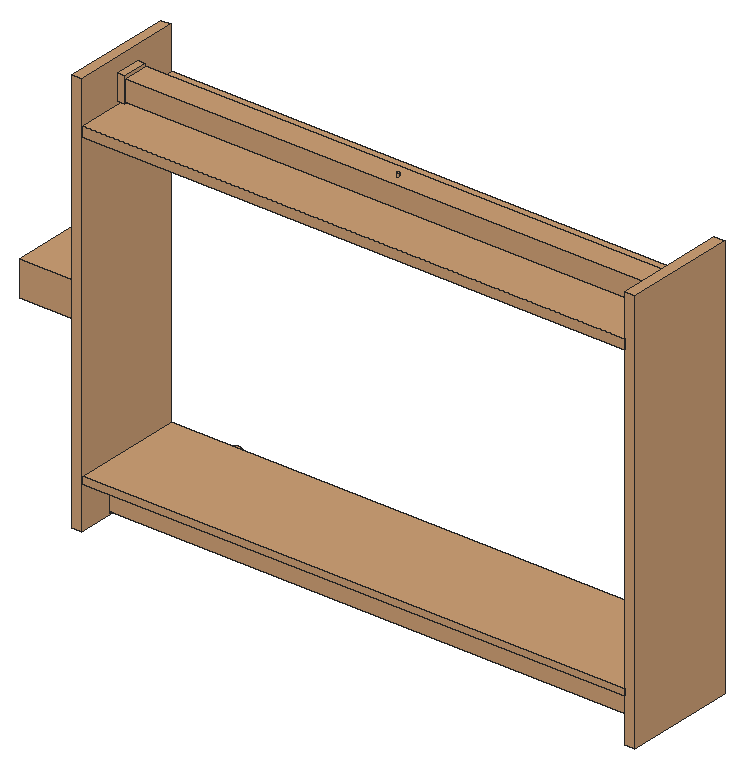
Revit family
Parameters
  Center of Unit = 0' - 0"  # constant formula
  Total Heating Capacity [instance] = 0.0 Btu/h
  Series = "VIFB"
  Outlet Area = 44.70 SF
  Lower Frame Thickness = if(Headers Height = 0' 3", 0' 1 1/4", if(Headers Height = 0' 3 1/4", 0' 1 1/4", 0' 0"))  # 0' - 1 1/4"
  Water Pressure Drop [instance] = 0.00 psi
  Water Flow [instance] = 0 GPM
  Unit Weight (lbs) = 1338
  URL = "http://www.ljwing.com/"
  Water Outlet Radius = 0' - 1 1/2"
  Headers Height = if(M = 0' 1", 0' 3", if(M = 0' 1 1/2", 0' 3 1/4", 0' 0"))  # 0' - 3 1/4"
  Number of Rows = 2  # constant formula
  Number of Coils [instance] = 0
  Nominal Length = 9' - 3 3/16"
  N = 1' - 0 3/4"
  Model = "VD-10W"
  Manufacturer = "LJ Wing"
  M = 0' - 1 1/2"
  Leaving Water Temperature [instance] = 0 °F
  Leaving Air Temperature [instance] = 0 °F
  Entering Water Temperature [instance] = 0 °F
  Entering Air Temperature [instance] = 0 °F
  Description = "Vertical Integral Face & Bypass Water Heating Coils"
  Hot Water Inlet  Radius = 0' - 1 1/2"
  Coil Face Area = Outlet Area * 0.56  # 25.032 SF
  Casing Material = ""
  Assembly Code = "D3020300"
  Air Vent Radius = 0' - 0 1/4"
  Air Pressure Drop [instance] = 0.00 in-wg
  Air Inlet Width = Nominal Length - 0' 4"  # 8' - 11 3/16"
  Air Inlet Height = Y  # 5' - 0"
  Air Flow [instance] = 0 CFM
  Y = 5' - 0"
  S = 0' - 9 3/4"  # constant formula
  Product URL = "http://www.ljwing.com/html/vifb.asp"
  OmniClass = "23-75 70 21 14 "
  Nominal Height = 6' - 8"
  Nominal Depth = 1' - 10"
  R = 0' - 10 1/4"  # constant formula
  Q = 0' - 4 19/32"
Reference planes (in)
  plane 1 "Center (Front/Back)": y = 0
  plane 2: z = -30
  plane 3 "Center (Left/Right)": x = 0
  plane 4: z = 40.25
  plane 5: x = -55.59375
  plane 6: x = 55.59375
  plane 7: z = -39.75
  plane 8: z = 0
  plane 9: y = -11
  plane 10: y = 11
  plane 11: z = 30
  plane 12: z = 32
  plane 13: z = -31.25
  plane 14: x = 53.59375
  plane 15: x = -53.59375
  plane 16: x = -51
  plane 17: x = 51
  plane 18: y = 14.0625
  plane 19: x = -66.59375
  plane 20: z = 37.125
  plane 21: z = 33.125
  plane 22: y = -2.5
  plane 23: y = 2.5
  plane 24: y = -4.5
  plane 25: z = -37.375
  plane 26: x = -42.84375
  plane 27: x = 42.84375
  plane 28: z = -33.375
Forms (in)
  Extrusion 1, solid, material "Painted Finish"
    sketch origin (0, 6, -9.75) x (1, 0, 0) y (0, 0, 1)
      loop
        line (-55.59375, -30) -> (-53.59375, -30) -> (-53.59375, 50) -> (-55.59375, 50) -> (-55.59375, -30)
      loop
        line (55.59375, -30) -> (55.59375, 50) -> (53.59375, 50) -> (53.59375, -30) -> (55.59375, -30)
    from -5 to 17
  Extrusion 2, solid, material "Painted Finish"
    sketch origin (0, 6, 0) x (1, 0, 0) y (0, 0, 1)
      loop
        line (53.59375, -30) -> (-53.59375, -30) -> (-53.59375, -31.25) -> (53.59375, -31.25) -> (53.59375, -30)
      loop
        line (53.59375, 30) -> (53.59375, 32) -> (-53.59375, 32) -> (-53.59375, 30) -> (53.59375, 30)
    from -5 to 17
  Extrusion 3, solid, material "Painted Finish"
    sketch origin (0, 10, -0.5) x (1, 0, 0) y (0, 0, 1)
      loop
        line (-55.59375, 4) -> (-66.59375, 4) -> (-66.59375, -3) -> (-55.59375, -3) -> (-55.59375, 4)
    from 0 to 20
  Extrusion 4, solid, material "Painted Finish"
    sketch origin (0, 6, 0) x (1, 0, 0) y (0, 0, 1)
      loop
        line (-51.96875, 37.125) -> (-51.96875, 33.125) -> (51.96875, 33.125) -> (51.96875, 37.125) -> (-51.96875, 37.125)
    from 3.5 to 8.5
  Extrusion 5, solid, material "Painted Finish"
    sketch origin (0, 0, 0) x (1, 0, 0) y (0, 0, 1)
      loop
        line (-51.96875, 32.625) -> (-51.96875, 37.625) -> (-53.59375, 37.625) -> (-53.59375, 32.625) -> (-51.96875, 32.625)
      loop
        line (53.59375, 32.625) -> (53.59375, 37.625) -> (51.96875, 37.625) -> (51.96875, 32.625) -> (53.59375, 32.625)
    from -2.5 to 2.5
  Extrusion 6, solid, material "Painted Finish"
    sketch origin (0, 6, 0) x (1, 0, 0) y (0, 0, 1)
      loop
        line (-53.09375, -31.75) -> (-53.09375, -31.5) -> (-53.59375, -31.5) -> (-53.59375, -35.25) -> (-53.09375, -35.25) -> (-53.09375, -35) -> (53.09375, -35) -> (53.09375, -35.25) -> (53.59375, -35.25) -> (53.59375, -31.5) -> (53.09375, -31.5) -> (53.09375, -31.75) -> (-53.09375, -31.75)
      loop
        line (53.09375, -39) -> (53.09375, -39.125) -> (53.59375, -39.125) -> (53.59375, -35.5) -> (53.09375, -35.5) -> (53.09375, -35.75) -> (-53.09375, -35.75) -> (-53.09375, -35.5) -> (-53.59375, -35.5) -> (-53.59375, -39.25) -> (-53.09375, -39.25) -> (-53.09375, -39) -> (53.09375, -39)
    from -5 to 10.5
  Extrusion 7, void
    sketch origin (0, 0, 0) x (1, 0, 0) y (0, 0, 1)
      loop
        line (-53.59375, 30) -> (-53.59375, -30) -> (53.59375, -30) -> (53.59375, 30) -> (-53.59375, 30)
    from -11 to 11
  Extrusion 8, solid, material "Painted Finish"
    sketch origin (0, 0, 0) x (1, 0, 0) y (0, 0, 1)
      loop
        circle (42.84375, -37.375) r 1.5
      loop
        circle (-42.84375, -33.375) r 1.5
    from -14.0625 to -11
  Extrusion 9, solid, material "Painted Finish"
    sketch origin (0, 0, 0) x (1, 0, 0) y (0, 1, 0)
      loop
        circle (0, 0) r 0.25
    from 37.125 to 37.625
Cuts and joins
  Extrusion 7 cuts Extrusion 1
  Extrusion 7 cuts Extrusion 2
Dimensions and locks (in)
  "Nominal Length": plane 6 to plane 5
  equal spacing: plane 6, plane 3 "Center (Left/Right)", plane 5
  "S": plane 2 to plane 7
  "Nominal Depth": plane 10 to plane 9
  equal spacing: plane 10, plane 1 "Center (Front/Back)", plane 9
  "Y": plane 11 to plane 2
  "R": plane 4 to plane 11
  locked: plane 12 to plane 11 at 2
  "Lower Frame Thickness": plane 2 to plane 13
  "Q": plane 16 to plane 5
  "Q": plane 6 to plane 17
  locked: plane 18 to plane 10 at 3.0625
  locked: plane 5 to plane 19 at 11
  locked: Extrusion 3 sketch curve to Extrusion 3 sketch curve at 7
  locked: Extrusion 3 to Extrusion 3 at 20
  locked: plane 6 to plane 14 at 2
  locked: plane 15 to plane 5 at 2
  locked: Extrusion 5 sketch curve to plane 20 at 0.5
  locked: plane 21 to Extrusion 5 sketch curve at 0.5
  locked: plane 20 to plane 21 at 4
  locked: plane 23 to plane 22 at 5
  equal spacing: plane 23, plane 1 "Center (Front/Back)", plane 22
  locked: plane 22 to plane 24 at 2
  plane 4 to plane 7 = 6' - 8"
  locked: Extrusion 5 sketch curve to Extrusion 1 at 1.625
  locked: Extrusion 5 sketch curve to Extrusion 5 sketch curve at 1.625
  locked: Extrusion 7 sketch curve to plane 11 at 0
  locked: Extrusion 7 sketch curve to plane 15 at 0
  locked: Extrusion 7 sketch curve to plane 14 at 0
  locked: plane 15 to Extrusion 6 sketch curve at 0.5
  locked: Extrusion 6 sketch curve to Extrusion 6 sketch curve at 0.25  (x2)
  locked: plane 25 to plane 7 at 2.375
  "N": plane 26 to plane 5
  "N": plane 6 to plane 27
  locked: plane 28 to plane 7 at 6.375
  "Headers Height": Extrusion 6 sketch curve to Extrusion 6 sketch curve  (x2)
  locked: Extrusion 8 sketch curve to plane 25 at 0
  locked: Extrusion 8 sketch curve to plane 28 at 0
  locked: Extrusion 9 sketch curve to plane 1 "Center (Front/Back)" at 0
  locked: Extrusion 9 sketch curve to plane 3 "Center (Left/Right)" at 0
  equal spacing: Extrusion 6 sketch curve, plane 28, Extrusion 6 sketch curve
  equal spacing: Extrusion 6 sketch curve, plane 25, Extrusion 6 sketch curve
  locked: plane 4 to plane 20 at 3.125
  locked: Extrusion 7 sketch curve to plane 2 at 0
  equal spacing: plane 11, plane 8, plane 2
  locked: Extrusion 8 sketch curve to plane 27 at 0
  locked: Extrusion 8 sketch curve to plane 26 at 0
  "M": radius of Extrusion 8 sketch curve  (x2)
  "Air Vent Radius": radius of Extrusion 9 sketch curve
  aligned and locked: Extrusion 1 to plane 9
  aligned and locked: Extrusion 1 to plane 10
  aligned and locked: Extrusion 1 to plane 15
  aligned and locked: Extrusion 1 to plane 14
  aligned and locked: Extrusion 2 to plane 9
  aligned and locked: plane 9 to Extrusion 1
  aligned and locked: plane 10 to Extrusion 1  (x2)
  aligned and locked: Extrusion 2 to plane 10
  aligned and locked: plane 10 to Extrusion 2  (x2)
  aligned and locked: plane 9 to Extrusion 2  (x2)
  aligned and locked: plane 5 to Extrusion 3
  aligned and locked: Extrusion 5 sketch curve to plane 15
  aligned and locked: Extrusion 5 sketch curve to Extrusion 4
  aligned and locked: Extrusion 1 to Extrusion 6
  aligned and locked: plane 22 to Extrusion 5
  aligned and locked: Extrusion 5 to Extrusion 4  (x2)
  aligned and locked: Extrusion 5 to plane 23
  aligned and locked: Extrusion 6 to plane 24
  aligned and locked: Extrusion 4 to Extrusion 5  (x2)
  aligned and locked: Extrusion 5 to Extrusion 1  (x2)
  aligned and locked: Extrusion 1 to Extrusion 7  (x2)
  aligned and locked: plane 18 to Extrusion 8
  aligned and locked: Extrusion 8 to plane 10
  aligned and locked: plane 20 to Extrusion 9
  aligned and locked: Extrusion 9 to Extrusion 5
  aligned and locked: plane 2 to cut or joined group of Extrusion 2, Extrusion 7
  aligned and locked: Extrusion 1 sketch curve to plane 6
  aligned and locked: Extrusion 1 sketch curve to plane 14
  aligned and locked: Extrusion 1 sketch curve to plane 15
  aligned and locked: Extrusion 1 sketch curve to plane 5
  aligned and locked: Extrusion 1 sketch curve to plane 4  (x2)
  aligned and locked: plane 7 to Extrusion 1 sketch curve  (x2)
  aligned and locked: Extrusion 2 sketch curve to plane 11
  aligned and locked: Extrusion 2 sketch curve to plane 12
  aligned and locked: plane 2 to Extrusion 2 sketch curve
  aligned and locked: Extrusion 2 sketch curve to plane 13
  aligned and locked: Extrusion 2 sketch curve to plane 14  (x2)
  aligned and locked: Extrusion 2 sketch curve to plane 15  (x2)
  aligned and locked: plane 20 to Extrusion 4 sketch curve
  aligned and locked: Extrusion 4 sketch curve to plane 21
  aligned and locked: plane 14 to Extrusion 6 sketch curve
  aligned and locked: Extrusion 6 sketch curve to plane 14
  aligned and locked: Extrusion 6 sketch curve to plane 15  (x2)
Automatic sketch dimensions
  Extrusion 3 sketch curve to plane 19 = 0' - 0"
  Extrusion 3 sketch curve to plane 5 = 0' - 0"
  plane 8 to Extrusion 3 sketch curve = 0' - 3 1/2"
  Extrusion 4 sketch curve to plane 16 = 0' - 0 31/32"
  plane 17 to Extrusion 4 sketch curve = 0' - 0 31/32"
  plane 21 to Extrusion 5 sketch curve = 0' - 0 1/2"
  Extrusion 5 sketch curve to plane 20 = 0' - 0 1/2"
  plane 15 to Extrusion 6 sketch curve = 0' - 0 1/2"  (x2)
  Extrusion 6 sketch curve to Extrusion 6 sketch curve = 0' - 0 1/4"  (x5)
  Extrusion 6 sketch curve to Extrusion 6 sketch curve = 0' - 0"  (x2)
  Extrusion 6 sketch curve to plane 14 = 0' - 0 1/2"  (x2)
  Extrusion 6 sketch curve to Extrusion 6 sketch curve = 0' - 0 1/2"
  Extrusion 6 sketch curve to plane 7 = 0' - 0 5/8"
Connectors (in)
  hvac at (0, -11, 0), driven by "Air Inlet Height", driven by "Air Inlet Width", driven by "Air Flow", driven by "Air Pressure Drop"
    settings: on Extrusion 7, index 1
  hvac at (0, 11, 0), driven by "Air Pressure Drop", driven by "Air Inlet Height", driven by "Air Inlet Width", driven by "Air Flow"
    settings: on Extrusion 7, index 2
  piping at (-42.84375, 14.0625, -33.375), driven by "M", driven by "Water Flow", driven by "Water Pressure Drop"
    settings: on Extrusion 8, index 4
  piping at (42.84375, 14.0625, -37.375), driven by "Water Pressure Drop", driven by "Water Flow", driven by "M"
    settings: on Extrusion 8, index 5
